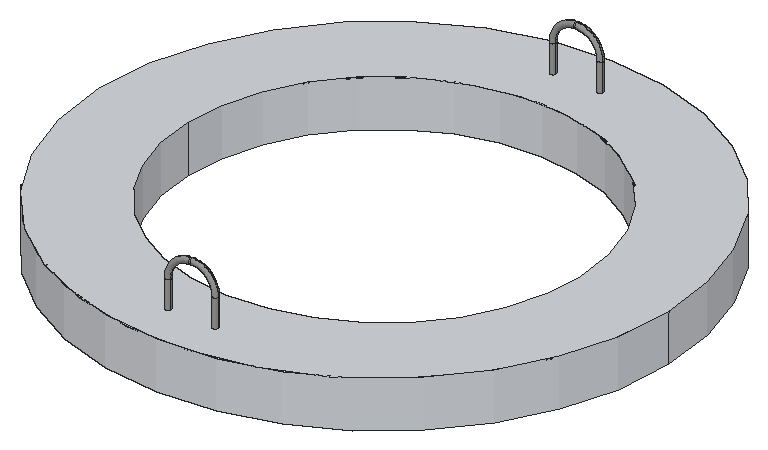
Revit family "Кольцо опорное КО6", category Обобщенные модели, Revit 2023
Family settings
  Может служить основой для арматурных стержней = Нет
  Размер круглого соединителя = Использовать диаметр
  Тип детали = Нормальный
  На основе рабочей плоскости = Нет
  Всегда вертикально = Нет
  При загрузке вырезать с полостями = Нет
  Сохранять ориентацию аннотаций = Нет
  Общий = Нет
  Точка принадлежности помещению = Нет
Parameters (values of type "Плита укрепления откосов ПБ1-16 1000x1000x160h")
  ширина_петли = 70 mm
  высота_петли = 75 mm
  Расстояние между петлями = 710 mm
  Отметка по умолчанию = 0 mm
  Внутренний диаметр = 580 mm
  ADSK_Размер_Толщина = 70 mm
  ADSK_Размер_Диаметр = 840 mm
Reference planes
  plane 1 "По центру (Вперед/Назад)": y = 0
  plane 2: z = 0
  plane 3 "По центру (Влево/Вправо)": x = 0
  plane 4: y = -420
  plane 5: y = 420
  plane 6: z = 70
  plane 7: x = 420
  plane 8: x = -420
  plane 9: y = 355
  plane 10: y = -355
  plane 11: x = -290
  plane 12: x = 290
  plane 13: y = 290
  plane 14: y = -290
Forms (mm)
  Extrusion 1, solid
    sketch origin (0, 0, 0) x (1, 0, 0) y (0, 1, 0)
      loop
        circle (0, 0) r 420
      loop
        circle (0, 0) r 290
    from 0 to 70
Dimensions and locks
  equal spacing: plane 4, plane 1 "По центру (Вперед/Назад)", plane 5
  "ADSK_Размер_Диаметр": plane 4 to plane 5
  "ADSK_Размер_Толщина": plane 6 to level
  equal spacing: plane 8, plane 3 "По центру (Влево/Вправо)", plane 7
  "ADSK_Размер_Диаметр": plane 8 to plane 7
  equal spacing: plane 9, plane 1 "По центру (Вперед/Назад)", plane 10
  "Расстояние между петлями": plane 9 to plane 10
  equal spacing: plane 14, plane 1 "По центру (Вперед/Назад)", plane 13
  "Внутренний диаметр": plane 14 to plane 13
  equal spacing: plane 11, plane 3 "По центру (Влево/Вправо)", plane 12
  "Внутренний диаметр": plane 11 to plane 12
  "ADSK_Размер_Диаметр": diameter of Extrusion 1 sketch curve
  "Внутренний диаметр": diameter of Extrusion 1 sketch curve
  aligned and locked: level to plane 2
  aligned and locked: nested 2 to plane 3 "По центру (Влево/Вправо)"
  aligned and locked: nested 1 to plane 3 "По центру (Влево/Вправо)"
  aligned and locked: plane 9 to nested 2
  aligned and locked: plane 10 to nested 1
  aligned and locked: Extrusion 1 to level
  aligned and locked: plane 6 to Extrusion 1
Automatic sketch dimensions
  Extrusion 1 sketch curve to Extrusion 1 sketch curve = 0 mm  (x2)
  plane 1 "По центру (Вперед/Назад)" to Extrusion 1 sketch curve = 0 mm
  Extrusion 1 sketch curve to plane 3 "По центру (Влево/Вправо)" = 0 mm
Nested families
  nested 1: "Строповочная петля" at (0, -355, 70) x (-1, 0, 0) z (0, 0, 1), type "Строповочная петля"
    with ширина_петли 70 mm, Высота_петли 75 mm
  nested 2: "Строповочная петля" at (0, 355, 70) x (-1, 0, 0) z (0, 0, 1), type "Строповочная петля"
    with ширина_петли 70 mm, Высота_петли 75 mm
Definition of nested family "Строповочная петля"
  Parameters (values of type "Строповочная петля")
    ширина_петли = 40 mm
    Default Elevation = 1219.2 mm
    Высота_петли = 110 mm
  Types (3, lengths in mm): name | ширина_петли | Высота_петли
    Строповочная петля | 40 | 110
    Строповочная петля 80x65 | 80 | 65
    Строповочная петля 80x70 | 80 | 70
  Reference planes
    plane 1 "По центру (Вперед/Назад)": y = 0
    plane 2: z = 0
    plane 3 "По центру (Влево/Вправо)": x = 0
    plane 4: z = 110
    plane 5: x = -20
    plane 6: x = 20
  Forms (mm)
    Sweep 1, solid
      path origin (0, 0, 0) x (1, 0, 0) y (0, 0, 1)
        loop
          line (-20, 0) -> (-20, 91)
          arc (-20, 91) -> (-14.435, 104.435) -> (-1, 110) r 19
          line (-1, 110) -> (1, 110)
          arc (1, 110) -> (14.435, 104.435) -> (20, 91) r 19
          line (20, 91) -> (20, 0)
      profile origin (-20, 0, 45.5) x (-1, 0, 0) y (0, -1, 0)
        loop
          circle (0, 0) r 4
  Dimensions and locks
    "Высота_петли": plane 4 to level
    equal spacing: plane 6, plane 3 "По центру (Влево/Вправо)", plane 5
    "ширина_петли": plane 6 to plane 5
    aligned and locked: level to plane 2
    aligned and locked: plane 5 to Sweep 1 sketch curve
    aligned and locked: Sweep 1 sketch curve to plane 4
    aligned and locked: Sweep 1 sketch curve to plane 6
  Automatic sketch dimensions
    Sweep 1 sketch curve to level = 0 mm  (x2)
    plane 3 "По центру (Влево/Вправо)" to Sweep 1 sketch curve = 1 mm
    plane 1 "По центру (Вперед/Назад)" to Sweep 1 sketch curve = 0 mm
    Sweep 1 sketch curve to profile plane = 0 mm
    Sweep 1 sketch curve to plane 5 = 0 mm
    Sweep 1 sketch curve to plane 3 "По центру (Влево/Вправо)" = 1 mm
    radius of Sweep 1 sketch curve = 4 mm
